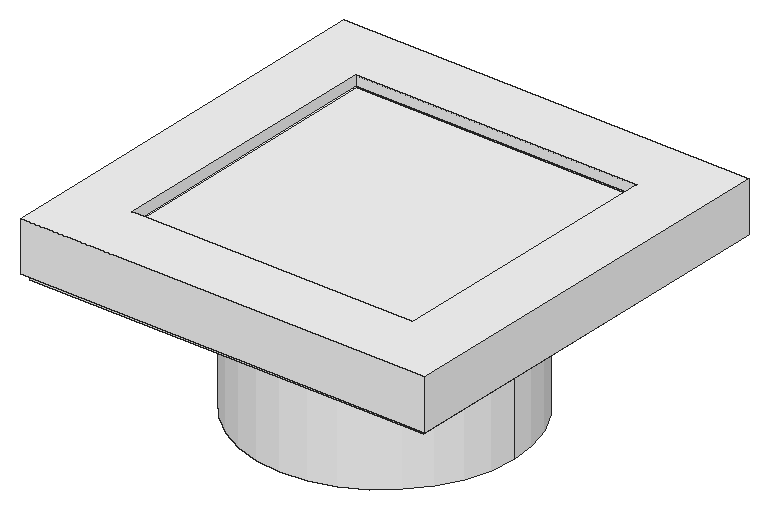
Revit family "Gira_012503", category Electrical Fixtures, host Face, Revit 2017
Family settings
  Host = Face
  Maintain Annotation Orientation = Yes
  Round Connector Dimension = Use Diameter
  Part Type = Normal
  Cut with Voids When Loaded = No
  Shared = No
  Room Calculation Point = No
Parameters (values of type "Tastschalter Serien System 55 Reinweiß")
  Zusammenstellung = "Basiselement mit zentraler Abdeckplatte"
  White [instance] = White
  Werkstoffgüte = "sonstige"
  Werkstoff = "sonstige"
  Waschmaschinenschalter = "No"
  URL = "http://katalog.gira.de/de_DE/datenblatt.html?artikelnr=012503"
  Textfeld/Beschriftungsfläche = "nein"
  Tastschalter = "Yes"
  Schaltungsart = "Serienschalter"
  Rückmeldekontakt = "No"
  Region = "DE"
  RAL-Nummer (ähnlich) = "9010 "
  Oberfläche = "sonstige"
  Nennspannung = "250 Volt"
  Name = "Tastschalter Serien System 55 Reinweiß"
  Montageart = "unter Putz"
  Model = "Sys55_Komplettgerät_Schalten und Tasten"
  Mit Montageplatte = "No"
  Manufacturer URL = "https://www.gira.de/"
  HeinzeBIM = "https://bimportal.heinze.de/bim/tastschalter-serien-system-55-reinweiss/f8cb6729b5b56cfaa8d5e84be67f7750fc8109a6"
  Halogenfrei = "Yes"
  HAN = "012503"
  Geeignet für Schutzart (IP) = "IP20"
  GTIN = "4010337125037"
  Farbe = "weiß"
  Default Elevation = 1219.2 mm
  Data sheet (1) = "https://katalog.gira.de/de_DE/download.html?artikelnr=012503"
  Category = "Installationsschalter"
  Bemessungsstrom = "10 Ampere"
  Beleuchtung = "nein"
  Befestigungsart = "Krallen-/Schraubbefestigung"
  Bedienungsart = "Wippe/Taste"
  Available = "Yes"
  Ausführung der Oberfläche = "glänzend"
  Anzahl der Module (bei Modulbauweise) = "1 "
  Anzahl der Betätigungswippen = "2 "
  Anschlussart = "Steckklemme"
Reference planes
  plane 1 "Center (Front/Back)": y = 0
  plane 2: z = 0
  plane 3 "Center (Left/Right)": x = 0
Forms (mm)
  Extrusion 1, solid, material "White" <- "White", detail levels medium
    sketch origin (0, 0, 0) x (1, 0, 0) y (0, 1, 0)
      loop
        line (-40.4, 40.4) -> (-40.4, -40.4) -> (40.4, -40.4) -> (40.4, 40.4) -> (-40.4, 40.4)
      loop
        line (-28, 28) -> (-28, -28) -> (28, -28) -> (28, 28) -> (-28, 28)
    from 0 to 10
  Extrusion 2, solid, material "White" <- "White", detail levels fine
    sketch origin (0, 0, 0) x (1, 0, 0) y (0, 1, 0)
      loop
        line (-40.4, 40.4) -> (-40.4, -40.4) -> (40.4, -40.4) -> (40.4, 40.4) -> (-40.4, 40.4)
      loop
        line (-28, 28) -> (-28, -28) -> (28, -28) -> (28, 28) -> (-28, 28)
    from 0 to 10
  Extrusion 3, void
    sketch origin (0, 0, 0) x (1, 0, 0) y (0, 1, 0)
      loop
        line (-38.4, 38.4) -> (-38.4, -38.4) -> (38.4, -38.4) -> (38.4, 38.4) -> (-38.4, 38.4)
    from 0 to 8
  Extrusion 4, solid, material "White" <- "White", detail levels medium+fine
    sketch origin (0, 0, 0) x (1, 0, 0) y (0, 1, 0)
      loop
        line (-39.4, 39.4) -> (-39.4, -39.4) -> (39.4, -39.4) -> (39.4, 39.4) -> (-39.4, 39.4)
    from 0 to -1
  Extrusion 5, solid, material "White" <- "White", detail levels medium+fine
    sketch origin (0, 0, 0) x (1, 0, 0) y (0, 1, 0)
      loop
        line (-35.5, 35.5) -> (-35.5, -35.5) -> (35.5, -35.5) -> (35.5, 35.5) -> (-35.5, 35.5)
    from -2 to -3
  Extrusion 6, solid, material "White" <- "White", detail levels medium+fine
    sketch origin (0, 0, 0) x (1, 0, 0) y (0, 1, 0)
      loop
        circle (0, 0) r 26
    from 0 to -27.5
  Extrusion 7, solid, material "White" <- "White", detail levels coarse
    sketch origin (0, 0, 0) x (1, 0, 0) y (0, 1, 0)
      loop
        line (-40.4, 40.4) -> (-40.4, -40.4) -> (40.4, -40.4) -> (40.4, 40.4) -> (-40.4, 40.4)
    from -27.5 to 10
Cuts and joins
  Extrusion 3 cuts Extrusion 2
Dimensions and locks
  aligned and locked: plane 2 to host face
  aligned and locked: level to host face
  aligned and locked: plane 3 "Center (Left/Right)" to nested 2
  aligned and locked: plane 1 "Center (Front/Back)" to nested 2
Nested families
  nested 1: "Sys55_Abdeckung_Schalten und Tasten_floor_base" at (0, 0, 0), type "Sys55_Abdeckung_Schalten und Tasten_floor_base"
  nested 2: "Schalter" at (0, 0, 0), type "Schalter"
Connectors
  electrical at (0, 0, -27.5)
    settings: on Extrusion 6, index 1, voltage 220 V, apparent load 0 VA, apparent load phase1 0 VA, apparent load phase2 0 VA, apparent load phase3 0 VA, power factor 1, load classification "Other", number of poles 1, system type 30, power factor state 1, is connector primary yes, connector utility no, sub classification motor no, connector description ""
Definition of nested family "Sys55_Abdeckung_Schalten und Tasten_floor_base"
  Parameters
    Default Elevation = 1219.2 mm
    White [instance] = none
  Reference planes
    plane 1 "Center (Front/Back)": y = 0
    plane 2: z = 0
    plane 3 "Center (Left/Right)": x = 0
  Forms (mm)
    Extrusion 1, solid
      sketch origin (0, 0, 0) x (1, 0, 0) y (0, 1, 0)
        loop
          line (-1219.2, 1219.2) -> (-1219.2, -1219.2) -> (1219.2, -1219.2) -> (1219.2, 1219.2) -> (-1219.2, 1219.2)
      from 0 to -304.8
    Extrusion 2, solid, material <- "White", detail levels fine
      sketch origin (0, 0, 0) x (1, 0, 0) y (0, 1, 0)
        loop
          line (-27.5, 27.5) -> (-27.5, -27.5) -> (27.5, -27.5) -> (27.5, 27.5) -> (-27.5, 27.5)
      from 0 to 8
    Extrusion 3, void
      sketch origin (0, 0, 0) x (1, 0, 0) y (0, 1, 0)
        loop
          line (26, 26) -> (-26, 26) -> (-26, -26) -> (26, -26) -> (26, 26)
      from 0 to 6
    Extrusion 4, solid, material <- "White", detail levels medium
      sketch origin (0, 0, 0) x (1, 0, 0) y (0, 1, 0)
        loop
          line (-27.5, 27.5) -> (-27.5, -27.5) -> (27.5, -27.5) -> (27.5, 27.5) -> (-27.5, 27.5)
      from 0 to 8
    Extrusion 5, solid, material <- "White", detail levels medium
      sketch origin (0, 0, 0) x (1, 0, 0) y (0, 1, 0)
        loop
          line (11, -17.5) -> (11, 17.5) -> (-11, 17.5) -> (-11, -17.5) -> (11, -17.5)
      from -6 to 6
    Extrusion 6, solid, material <- "White", detail levels fine
      sketch origin (0, 0, 0) x (1, 0, 0) y (0, 1, 0)
        loop
          line (11, 17.5) -> (-11, 17.5) -> (-11, 16.5) -> (11, 16.5) -> (11, 17.5)
        loop
          line (-11, -16.5) -> (-11, -17.5) -> (11, -17.5) -> (11, -16.5) -> (-11, -16.5)
      from -4 to 6
    Extrusion 7, solid, material <- "White", detail levels fine
      sketch origin (0, 0, 0) x (1, 0, 0) y (0, 1, 0)
        loop
          arc (5, 9.347) -> (0, 10.6) -> (-5, 9.347) r 10.6
          line (-5, 9.347) -> (-5, -9.347)
          arc (-5, -9.347) -> (0, -10.6) -> (5, -9.347) r 10.6
          line (5, -9.347) -> (5, 9.347)
      from -6 to 6
    Extrusion 8, solid, material <- "White", detail levels coarse
      sketch origin (0, 0, 0) x (1, 0, 0) y (0, 1, 0)
        loop
          line (-27.5, 27.5) -> (-27.5, -27.5) -> (27.5, -27.5) -> (27.5, 27.5) -> (-27.5, 27.5)
      from -6 to 8
  Cuts and joins
    Extrusion 3 cuts Extrusion 2
  Dimensions and locks
    aligned and locked: plane 2 to Extrusion 1
    aligned and locked: level to Extrusion 1
Definition of nested family "Schalter"
  Reference planes
    plane 1: y = 0
    plane 2: x = 0
  Lines and regions (mm)
    detail lines
      curve 1: circle (1.375, 2.778, 0) r 0.8 normal (0, 0, 1)
      curve 2: line (1.021, 2.061, 0) -> (0, 0, 0)
      curve 3: line (0, 0, 0) -> (-0.538, 0.266, 0)
  Dimensions and locks
    curve 2 to curve 2 = 2.3 mm
    curve 3 to curve 2 = 0.6 mm
    radius of curve 1 = 0.8 mm
